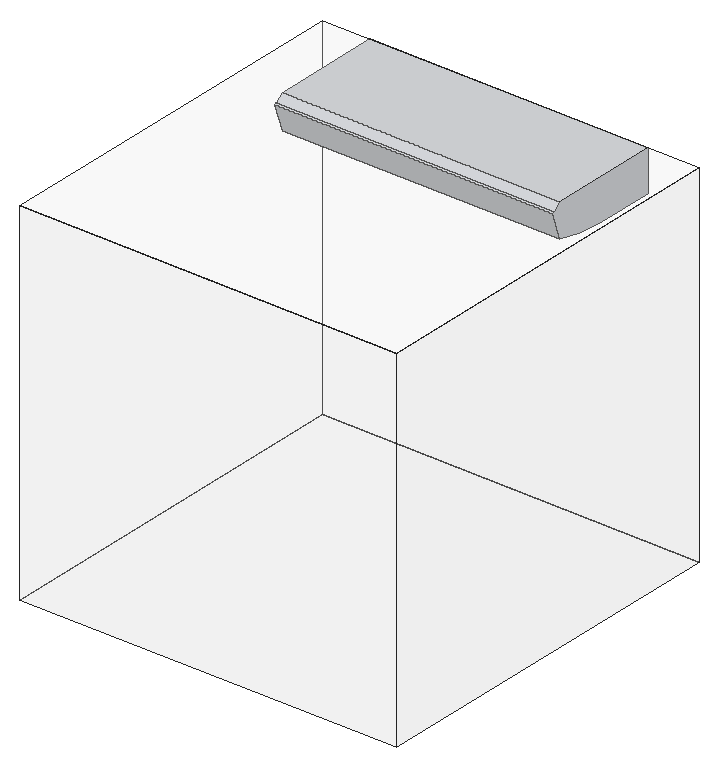
Revit family "pc-rp40_160kal22_50hz", category 機械設備, Revit 2023
Family settings
  丸型コネクタ寸法 = 直径を使用
  パーツ タイプ = 標準
  OmniClass 番号 = 23.75.10.24.21.27.27
  OmniClass タイトル = Split System Air Conditioning Units
  作業面ベース = いいえ
  常に垂直 = はい
  ロード時にボイドで切り取り = いいえ
  注釈の向きを維持 = いいえ
  共有 = いいえ
  部屋計算ポイント = はい
Parameters (values of type "PC-RP112KA22")
  風量_静 (㎥/min) = 20
  風量_弱 (㎥/min) = 22
  風量_中 (㎥/min) = 26
  風量_強 (㎥/min) = 29
  風量 = MAX風量  # 1740.0 m³/h
  音響パワーレベル_静 (dB) = 54
  音響パワーレベル_弱 (dB) = 56
  音響パワーレベル_中 (dB) = 59
  音響パワーレベル(dB) = [音響パワーレベル_強 (dB)]  # 62
  音響パワーレベル_強 (dB) = 62
  電源種別 = ""
  電源_H = 0 mm
  電圧 = 0 V
  電動機出力_送風機 = 0.16 kW
  運転質量 = 0.00 kg
  連動 = ""
  質量 = if(製品質量 > 運転質量, 製品質量, 運転質量) * 1.2  # 45.60 kg
  負荷分類 = 3_ファン類
  説明 = "店舗・事務所用パッケージエアコン(Mr.SLIM) [本体] 天吊形室内機"
  設計暖房能力 = 0.00 kW
  設計冷房能力_顕熱 = 0 kW
  設計冷房能力 = 0 kW
  設置方法 = "天井吊（露出）形"
  記号 = ""
  製造元 = "三菱電機株式会社"
  製品質量 = 38.00 kg
  製品出荷対象 = "国内"
  製品リリース年月 = "2026/5/11"
  製品グループ = ""
  背面_液管接続口 = 180 mm
  背面_ドレン管接続口 = 233 mm
  背面_ガス管接続口 = 200 mm
  系統 = ""
  符号 = "ACP-CR"
  積算_科目 = "1 空気調和設備"
  積算_拾い区分 [instance] = ""
  盤記号 = ""
  発停方法 = "別売リモコン"
  特殊仕様 = ""
  点検口離隔 [instance] = if(点検口離隔入力値 > 200 mm, 200 mm, if(点検口離隔入力値 < 150 mm, 150 mm, 点検口離隔入力値))  # 150 mm
  点検口離隔入力値 [instance] = 0 mm
  点検口設置範囲 = 0 mm
  点検口 = yes
  火災停止 = ""
  消費電力_暖房 = 0.11 kW
  消費電力_冷房 = 0.12 kW
  消費電力 = if(消費電力_冷房 > 消費電力_暖房, 消費電力_冷房, 消費電力_暖房)  # 0.12 kW
  法定耐用年数 = "6"
  極数 = 3
  材質 = ""
  本体マテリアル = none
  有効加湿量 = 0
  暖房能力 = 11.20 kW
  既定の高さ = 0 mm
  形式_加湿器 = ""
  形式 = "天井吊（露出）形"
  幹線記号 = ""
  始動方式 = "インバータ"
  呼称 = "パッケージ形空気調和機_室内機"
  周波数 = 50 Hz
  吊り位置Y = 320 mm
  吊り位置X = 1557 mm
  吊りボルト_H = 50 mm
  台数_手元リモコン = ""
  台数_冷媒分岐ユニット = ""
  参照している仕様書等のバージョン = "公共建築物標準仕様書（機械設備工事編）平成31年度版"
  加湿給水管径 = 0 mm
  分類コード = "50053003123090"
  分類グループ = "設備"
  冷房能力 = 10 kW
  冷媒高低圧ガス管径 = 0 mm
  冷媒管径符号 = "Bd"
  冷媒管径 = 100 mm
  冷媒液管高さ = 126 mm
  冷媒液管径 = 9.52 mm
  冷媒ガス管高さ = 126 mm
  冷媒ガス管径 = 15.88 mm
  価格 = 0
  企業コード = "108420"
  付属品_フィルター = ""
  付属品 = ""
  モデル = "PC-RP112KA22"
  パネルマテリアル = none
  ドレン管高さ = 190 mm
  ドレン管径 (外径) = 26 mm
  ドレン管径 = 20 mm
  サービススペース = yes
  コメント [instance] = ""
  【値が 0 の項目は組合せ形名にてご確認ください】 = ""
  Width = 1600 mm
  Version = ""
  Uniclass2015Version = "Systems v1.9"
  Uniclass2015Title = "Split coil remote air cooled condensing units"
  Uniclass2015Code = "Pr_70_65_03_84"
  URL = "https://www.mitsubishielectric.co.jp/ldg/wink/qr/002/364742"
  SpecificationReference = ""
  SpecificationDescription = ""
  Revision = ""
  ProductInformation = ""
  OmniClassCode = "23-33 17 13 11"
  MIN風量 = [風量_静 (㎥/min)] * 60.0 m³/h  # 1200.0 m³/h
  MID風量2 = [風量_弱 (㎥/min)] * 60.0 m³/h  # 1320.0 m³/h
  MID風量 = [風量_中 (㎥/min)] * 60.0 m³/h  # 1560.0 m³/h
  MAX風量 = [風量_強 (㎥/min)] * 60.0 m³/h  # 1740.0 m³/h
  IfcTypeProduct = ""
  IfcProduct = ""
  IfcExportType = "AIRCONDITIONINGUNIT"
  IfcExportAs = "IfcUnitaryEquipmentType"
  Height_本体 = 230 mm
  Height = Height_本体 + 6 mm  # 236 mm
  Depth = 680 mm
  Clearance Top = 1 mm
  Clearance Right = 300 mm
  Clearance Left = 270 mm
  Clearance Front = 1500 mm
  Clearance Bottom = 1800 mm
  Clearance Back = 0 mm
  BLCJ仕様バージョン = "2.0"
  Author = "三菱電機株式会社"
Types (20, lengths in mm): name | 風量_静 (㎥/min) | 風量_弱 (㎥/min) | 風量_中 (㎥/min) | 風量_強 (㎥/min) | 風量 | 音響パワーレベル_静 (dB) | 音響パワーレベル_弱 (dB) | 音響パワーレベル_中 (dB) | 音響パワーレベル(dB) | 音響パワーレベル_強 (dB) | 電動機出力_送風機 | 質量 | 製品質量 | 背面_液管接続口 | 背面_ガス管接続口 | 消費電力_暖房 | 消費電力_冷房 | 消費電力 | 暖房能力 | 吊り位置X | 冷房能力 | 冷媒管径符号 | 冷媒液管径 | 冷媒ガス管径 | モデル | Width | URL | MIN風量 | MID風量2 | MID風量 | MAX風量
  PC-RP56KAL22 | 10 | 11 | 12 | 13 | 780.0 m³/h | 48 | 50 | 53 | 55 | 55 | 0.09 kW | 30.00 kg | 25.00 kg | 184 | 203 | 0.05 kW | 0.06 kW | 0.06 kW | 5.60 kW | 917 | 5 kW | "Ac" | 6.35 | 12.7 | "PC-RP56KAL22" | 960 | "https://www.mitsubishielectric.co.jp/ldg/wink/qr/002/364747" | 600.0 m³/h | 660.0 m³/h | 720.0 m³/h | 780.0 m³/h
  PC-RP71KAL22 | 13 | 16 | 18 | 20 | 1200.0 m³/h | 50 | 53 | 55 | 57 | 57 | 0.095 kW | 38.40 kg | 32.00 kg | 180 | 200 | 0.09 kW | 0.10 kW | 0.10 kW | 7.10 kW | 1237 | 6.3 kW | "Bd" | 9.52 | 15.88 | "PC-RP71KAL22" | 1280 | "https://www.mitsubishielectric.co.jp/ldg/wink/qr/002/364749" | 780.0 m³/h | 960.0 m³/h | 1080.0 m³/h | 1200.0 m³/h
  PC-RP80KAL22 | 13 | 16 | 18 | 20 | 1200.0 m³/h | 50 | 53 | 55 | 57 | 57 | 0.095 kW | 38.40 kg | 32.00 kg | 180 | 200 | 0.09 kW | 0.10 kW | 0.10 kW | 8.00 kW | 1237 | 7.1 kW | "Bd" | 9.52 | 15.88 | "PC-RP80KAL22" | 1280 | "https://www.mitsubishielectric.co.jp/ldg/wink/qr/002/364703" | 780.0 m³/h | 960.0 m³/h | 1080.0 m³/h | 1200.0 m³/h
  PC-RP112KAL22 | 20 | 22 | 26 | 29 | 1740.0 m³/h | 54 | 56 | 59 | 62 | 62 | 0.16 kW | 45.60 kg | 38.00 kg | 180 | 200 | 0.11 kW | 0.12 kW | 0.12 kW | 11.20 kW | 1557 | 10 kW | "Bd" | 9.52 | 15.88 | "PC-RP112KAL22" | 1600 | "https://www.mitsubishielectric.co.jp/ldg/wink/qr/002/364750" | 1200.0 m³/h | 1320.0 m³/h | 1560.0 m³/h | 1740.0 m³/h
  PC-RP140KAL22 | 21 | 24 | 27 | 31 | 1860.0 m³/h | 56 | 58 | 61 | 63 | 63 | 0.16 kW | 45.60 kg | 38.00 kg | 180 | 200 | 0.13 kW | 0.14 kW | 0.14 kW | 14.00 kW | 1557 | 12.5 kW | "Bd" | 9.52 | 15.88 | "PC-RP140KAL22" | 1600 | "https://www.mitsubishielectric.co.jp/ldg/wink/qr/002/364751" | 1260.0 m³/h | 1440.0 m³/h | 1620.0 m³/h | 1860.0 m³/h
  PC-RP160KAL22 | 22 | 25 | 28 | 33 | 1980.0 m³/h | 58 | 60 | 62 | 65 | 65 | 0.16 kW | 45.60 kg | 38.00 kg | 180 | 200 | 0.16 kW | 0.17 kW | 0.17 kW | 16.00 kW | 1557 | 14 kW | "Bd" | 9.52 | 15.88 | "PC-RP160KAL22" | 1600 | "https://www.mitsubishielectric.co.jp/ldg/wink/qr/002/364752" | 1320.0 m³/h | 1500.0 m³/h | 1680.0 m³/h | 1980.0 m³/h
  PC-RP63KAL22 | 12 | 14 | 15 | 17 | 1020.0 m³/h | 49 | 51 | 53 | 55 | 55 | 0.095 kW | 38.40 kg | 32.00 kg | 184 | 203 | 0.06 kW | 0.07 kW | 0.07 kW | 6.30 kW | 1237 | 5.6 kW | "Ac" | 6.35 | 12.7 | "PC-RP63KAL22" | 1280 | "https://www.mitsubishielectric.co.jp/ldg/wink/qr/002/364748" | 720.0 m³/h | 840.0 m³/h | 900.0 m³/h | 1020.0 m³/h
  PC-RP40KAL22 | 9 | 10 | 11 | 13 | 780.0 m³/h | 48 | 50 | 53 | 55 | 55 | 0.09 kW | 28.80 kg | 24.00 kg | 184 | 203 | 0.04 kW | 0.05 kW | 0.05 kW | 4.00 kW | 917 | 3.6 kW | "Ac" | 6.35 | 12.7 | "PC-RP40KAL22" | 960 | "https://www.mitsubishielectric.co.jp/ldg/wink/qr/002/364744" | 540.0 m³/h | 600.0 m³/h | 660.0 m³/h | 780.0 m³/h
  PC-RP50KAL22 | 10 | 11 | 12 | 13 | 780.0 m³/h | 48 | 50 | 53 | 55 | 55 | 0.09 kW | 30.00 kg | 25.00 kg | 184 | 203 | 0.05 kW | 0.06 kW | 0.06 kW | 5.00 kW | 917 | 4.5 kW | "Ac" | 6.35 | 12.7 | "PC-RP50KAL22" | 960 | "https://www.mitsubishielectric.co.jp/ldg/wink/qr/002/364746" | 600.0 m³/h | 660.0 m³/h | 720.0 m³/h | 780.0 m³/h
  PC-RP112KA22 | 20 | 22 | 26 | 29 | 1740.0 m³/h | 54 | 56 | 59 | 62 | 62 | 0.16 kW | 45.60 kg | 38.00 kg | 180 | 200 | 0.11 kW | 0.12 kW | 0.12 kW | 11.20 kW | 1557 | 10 kW | "Bd" | 9.52 | 15.88 | "PC-RP112KA22" | 1600 | "https://www.mitsubishielectric.co.jp/ldg/wink/qr/002/364742" | 1200.0 m³/h | 1320.0 m³/h | 1560.0 m³/h | 1740.0 m³/h
  PC-RP140KA22 | 21 | 24 | 27 | 31 | 1860.0 m³/h | 56 | 58 | 61 | 63 | 63 | 0.16 kW | 45.60 kg | 38.00 kg | 180 | 200 | 0.13 kW | 0.14 kW | 0.14 kW | 14.00 kW | 1557 | 12.5 kW | "Bd" | 9.52 | 15.88 | "PC-RP140KA22" | 1600 | "https://www.mitsubishielectric.co.jp/ldg/wink/qr/002/364743" | 1260.0 m³/h | 1440.0 m³/h | 1620.0 m³/h | 1860.0 m³/h
  PC-RP160KA22 | 22 | 25 | 28 | 33 | 1980.0 m³/h | 58 | 60 | 62 | 65 | 65 | 0.16 kW | 45.60 kg | 38.00 kg | 180 | 200 | 0.16 kW | 0.17 kW | 0.17 kW | 16.00 kW | 1557 | 14 kW | "Bd" | 9.52 | 15.88 | "PC-RP160KA22" | 1600 | "https://www.mitsubishielectric.co.jp/ldg/wink/qr/002/364702" | 1320.0 m³/h | 1500.0 m³/h | 1680.0 m³/h | 1980.0 m³/h
  PC-RP40KA22 | 9 | 10 | 11 | 13 | 780.0 m³/h | 48 | 50 | 53 | 55 | 55 | 0.09 kW | 28.80 kg | 24.00 kg | 184 | 203 | 0.04 kW | 0.05 kW | 0.05 kW | 4.00 kW | 917 | 3.6 kW | "Ac" | 6.35 | 12.7 | "PC-RP40KA22" | 960 | "https://www.mitsubishielectric.co.jp/ldg/wink/qr/002/364735" | 540.0 m³/h | 600.0 m³/h | 660.0 m³/h | 780.0 m³/h
  PC-RP45KA22 | 9 | 10 | 11 | 13 | 780.0 m³/h | 48 | 50 | 53 | 55 | 55 | 0.09 kW | 28.80 kg | 24.00 kg | 184 | 203 | 0.04 kW | 0.05 kW | 0.05 kW | 4.50 kW | 917 | 4 kW | "Ac" | 6.35 | 12.7 | "PC-RP45KA22" | 960 | "https://www.mitsubishielectric.co.jp/ldg/wink/qr/002/364736" | 540.0 m³/h | 600.0 m³/h | 660.0 m³/h | 780.0 m³/h
  PC-RP50KA22 | 10 | 11 | 12 | 13 | 780.0 m³/h | 48 | 50 | 53 | 55 | 55 | 0.09 kW | 30.00 kg | 25.00 kg | 184 | 203 | 0.05 kW | 0.06 kW | 0.06 kW | 5.00 kW | 917 | 4.5 kW | "Ac" | 6.35 | 12.7 | "PC-RP50KA22" | 960 | "https://www.mitsubishielectric.co.jp/ldg/wink/qr/002/364737" | 600.0 m³/h | 660.0 m³/h | 720.0 m³/h | 780.0 m³/h
  PC-RP56KA22 | 10 | 11 | 12 | 13 | 780.0 m³/h | 48 | 50 | 53 | 55 | 55 | 0.09 kW | 30.00 kg | 25.00 kg | 184 | 203 | 0.05 kW | 0.06 kW | 0.06 kW | 5.60 kW | 917 | 5 kW | "Ac" | 6.35 | 12.7 | "PC-RP56KA22" | 960 | "https://www.mitsubishielectric.co.jp/ldg/wink/qr/002/364738" | 600.0 m³/h | 660.0 m³/h | 720.0 m³/h | 780.0 m³/h
  PC-RP63KA22 | 12 | 14 | 15 | 17 | 1020.0 m³/h | 49 | 51 | 53 | 55 | 55 | 0.095 kW | 38.40 kg | 32.00 kg | 184 | 203 | 0.06 kW | 0.07 kW | 0.07 kW | 6.30 kW | 1237 | 5.6 kW | "Ac" | 6.35 | 12.7 | "PC-RP63KA22" | 1280 | "https://www.mitsubishielectric.co.jp/ldg/wink/qr/002/364739" | 720.0 m³/h | 840.0 m³/h | 900.0 m³/h | 1020.0 m³/h
  PC-RP71KA22 | 13 | 16 | 18 | 20 | 1200.0 m³/h | 50 | 53 | 55 | 57 | 57 | 0.095 kW | 38.40 kg | 32.00 kg | 180 | 200 | 0.09 kW | 0.10 kW | 0.10 kW | 7.10 kW | 1237 | 6.3 kW | "Bd" | 9.52 | 15.88 | "PC-RP71KA22" | 1280 | "https://www.mitsubishielectric.co.jp/ldg/wink/qr/002/364740" | 780.0 m³/h | 960.0 m³/h | 1080.0 m³/h | 1200.0 m³/h
  PC-RP80KA22 | 13 | 16 | 18 | 20 | 1200.0 m³/h | 50 | 53 | 55 | 57 | 57 | 0.095 kW | 38.40 kg | 32.00 kg | 180 | 200 | 0.09 kW | 0.10 kW | 0.10 kW | 8.00 kW | 1237 | 7.1 kW | "Bd" | 9.52 | 15.88 | "PC-RP80KA22" | 1280 | "https://www.mitsubishielectric.co.jp/ldg/wink/qr/002/364741" | 780.0 m³/h | 960.0 m³/h | 1080.0 m³/h | 1200.0 m³/h
  PC-RP45KAL22 | 9 | 10 | 11 | 13 | 780.0 m³/h | 48 | 50 | 53 | 55 | 55 | 0.09 kW | 28.80 kg | 24.00 kg | 184 | 203 | 0.04 kW | 0.05 kW | 0.05 kW | 4.50 kW | 917 | 4 kW | "Ac" | 6.35 | 12.7 | "PC-RP45KAL22" | 960 | "https://www.mitsubishielectric.co.jp/ldg/wink/qr/002/364745" | 540.0 m³/h | 600.0 m³/h | 660.0 m³/h | 780.0 m³/h
Reference planes
  plane 1 "中心(正面/背面)": y = 0
  plane 2: z = 0
  plane 3 "中心(左/右)": x = 0
  plane 4: z = 236
  plane 5: y = 260
  plane 6: y = -60
  plane 7: y = 340
  plane 8: y = -340
  plane 9: x = -800
  plane 10: x = 800
  plane 11: x = -1070
  plane 12: x = 1100
  plane 13 "back": y = 340
  plane 14: y = -1840
  plane 15: z = 237
  plane 16: z = -1800
  plane 17: x = 714
  plane 18: x = 629
  plane 19: z = 110
  plane 20 "液管": y = 156
  plane 21: y = 336
  plane 22 "ガス管": y = 136
  plane 23 "ドレン管": y = 103
  plane 24: x = 662
  plane 25: z = 46
  plane 26: x = -725
  plane 27: x = 671.5
Forms (mm)
  Extrusion 1, solid, detail levels fine
    sketch origin (0, 156, 0) x (0, 0, -1) y (1, 0, 0)
      loop
        circle (-110, 629) r 3.175
    from 0 to 100
  Extrusion 2, solid, detail levels fine
    sketch origin (0, 136, 0) x (0, 0, -1) y (1, 0, 0)
      loop
        circle (-110, 714) r 6.35
    from 0 to 100
  Extrusion 3, solid, detail levels fine
    sketch origin (0, 103, 0) x (0, 0, -1) y (1, 0, 0)
      loop
        circle (-46, 662) r 13
    from 0 to 100
  Extrusion 4, solid, detail levels fine
    sketch origin (0, 103, 0) x (0, 0, -1) y (1, 0, 0)
      loop
        circle (-46, -725) r 13
    from 0 to 100
  Extrusion 5, solid, detail levels fine
    sketch origin (0, 136, 0) x (0, 0, -1) y (1, 0, 0)
      loop
        circle (-110, 671.5) r 50
    from 0 to 120
Dimensions and locks
  "吊り位置Y": plane 6 to plane 5
  equal spacing: plane 8, plane 1 "中心(正面/背面)", plane 7
  "Depth": plane 8 to plane 7
  equal spacing: plane 9, plane 3 "中心(左/右)", plane 10
  "Width": plane 9 to plane 10
  "Clearance Back": plane 7 to plane 13 "back"
  "Clearance Front": plane 14 to plane 8
  "Clearance Right": plane 10 to plane 12
  "Clearance Left": plane 11 to plane 9
  "Height": plane 4 to level
  locked: plane 5 to plane 7 at 80
  "Clearance Bottom": level to plane 16
  "Clearance Top": plane 15 to plane 4
  plane 10 to plane 9 = 1600 mm
  "背面_液管接続口": plane 20 "液管" to plane 21
  "背面_ガス管接続口": plane 22 "ガス管" to plane 21
  "背面_ドレン管接続口": plane 23 "ドレン管" to plane 21
  "冷媒ガス管高さ": plane 4 to plane 19
  "ドレン管高さ": plane 4 to plane 25
  plane 17 to plane 27 to plane 18 = 42.5 mm, 42.5 mm
  locked: plane 10 to plane 17 at 86
  locked: plane 17 to plane 18 at 85
  locked: plane 10 to plane 24 at 138
  locked: plane 26 to plane 9 at 75
  diameter of Extrusion 2 = 12.7 mm
  diameter of Extrusion 1 = 6.35 mm
  "ドレン管径 (外径)": diameter of Extrusion 3
  "ドレン管径 (外径)": diameter of Extrusion 4
  aligned and locked: level to plane 2
  aligned and locked: nested 2 to plane 5
  aligned and locked: plane 6 to nested 2
  aligned and locked: nested 1 to plane 11
  aligned and locked: nested 1 to plane 12
  aligned and locked: plane 14 to nested 1
  aligned and locked: plane 13 "back" to nested 1
  aligned and locked: plane 15 to nested 1
  aligned and locked: plane 1 "中心(正面/背面)" to nested 3
  aligned and locked: plane 3 "中心(左/右)" to nested 3
  aligned and locked: plane 16 to nested 1
  aligned and locked: Extrusion 1 to plane 20 "液管"
  aligned and locked: Extrusion 2 to plane 22 "ガス管"
  aligned and locked: Extrusion 3 to plane 23 "ドレン管"
  aligned and locked: Extrusion 4 to plane 23 "ドレン管"
Automatic sketch dimensions
  Extrusion 1 sketch curve to plane 18 = 0 mm
  Extrusion 1 sketch curve to plane 19 = 0 mm
  Extrusion 2 sketch curve to plane 17 = 0 mm
  Extrusion 2 sketch curve to plane 19 = 0 mm
  Extrusion 3 sketch curve to plane 24 = 0 mm
  Extrusion 3 sketch curve to plane 25 = 0 mm
  Extrusion 4 sketch curve to plane 25 = 0 mm
  Extrusion 4 sketch curve to plane 26 = 0 mm
  Extrusion 5 sketch curve to plane 19 = 0 mm
  Extrusion 5 sketch curve to plane 27 = 0 mm
  radius of Extrusion 1 sketch curve = 3.175 mm
  radius of Extrusion 2 sketch curve = 6.35 mm
  radius of Extrusion 3 sketch curve = 13 mm
  radius of Extrusion 4 sketch curve = 13 mm
  radius of Extrusion 5 sketch curve = 50 mm
Nested families
  nested 1: "サービススペース" at (15, -750, -781.5), visible <- "サービススペース", type "サービススペース", detail levels fine
    with Width 2170 mm, Height 2037 mm, Depth 2180 mm
  nested 2: "固定点" at (-458.5, -60, 0), type "固定点"
    with W 917 mm, D 320 mm
  nested 3: "PC-RP_KA_L" at (0, 0, 0), type "PC-RP_KA_L", detail levels fine
Connectors
  electrical at (516, 339, 206), driven by "極数", driven by "負荷分類", driven by "電圧", driven by "消費電力"
    settings: on nested 3, index 1, voltage 0 V, apparent load 120 VA, apparent load phase1 0 VA, apparent load phase2 0 VA, apparent load phase3 0 VA, power factor 1, load classification "3_ファン類", number of poles 3, system type 30, power factor state 1, is connector primary yes, connector utility no, sub classification motor no, connector description ""
  piping at (671.5, 136, 110), diameter 100, driven by "冷媒管径"
    settings: on Extrusion 5, index 2, connector inside diameter 609.6 mm, connector length 0 mm, flow factor 0, pipe flow 0.0 L/s, pressure drop 0.0 Pa, fitting loss kfactor 0, connector angle 0.00°, fixture units 0, engagement length 0 mm, angle of deflection 0.00°, flow configuration 1, flow direction 1, fitting loss method 4, system type 7, joint type 0, gender type 0, connector reference index -1, connector utility 0, adjustable connector no, is connector primary yes, connector description "冷媒管"
  piping at (662, 103, 46), diameter 20, driven by "ドレン管径"
    settings: on Extrusion 3, index 3, connector inside diameter 609.6 mm, connector length 0 mm, flow factor 0, pipe flow 0.0 L/s, pressure drop 0.0 Pa, fitting loss kfactor 0, connector angle 0.00°, fixture units 0, engagement length 0 mm, angle of deflection 0.00°, flow configuration 1, flow direction 2, fitting loss method 0, system type 16, joint type 0, gender type 0, connector reference index -1, connector utility 0, adjustable connector no, is connector primary no, connector description "ドレン管1"
  piping at (-725, 103, 46), diameter 20, driven by "ドレン管径"
    settings: on Extrusion 4, index 4, connector inside diameter 609.6 mm, connector length 0 mm, flow factor 0, pipe flow 0.0 L/s, pressure drop 0.0 Pa, fitting loss kfactor 0, connector angle 0.00°, fixture units 0, engagement length 0 mm, angle of deflection 0.00°, flow configuration 1, flow direction 2, fitting loss method 0, system type 16, joint type 0, gender type 0, connector reference index -1, connector utility 0, adjustable connector no, is connector primary no, connector description "ドレン管2"
Definition of nested family "サービススペース"
  Parameters (values of type "サービススペース")
    Default Elevation = 0 mm
    Width [instance] = 500 mm
    Height [instance] = 500 mm
    Depth [instance] = 500 mm
  Reference planes
    plane 1 "中心(正面/背面)": y = 0
    plane 2: z = 0
    plane 3 "中心(左/右)": x = 0
    plane 4: y = -250
    plane 5: x = 250
    plane 6: y = 250
    plane 7: x = -250
    plane 8: z = 250
    plane 9: z = -250
  Forms (mm)
    Extrusion 1, solid
      sketch origin (-638.939, 0, 72.39) x (1, 0, 0) y (0, 1, 0)
        loop
          line (388.939, 250) -> (388.939, -250) -> (888.939, -250) -> (888.939, 250) -> (388.939, 250)
      from -322.39 to 177.61
  Lines and regions (mm)
    symbolic lines
      curve 1: line (-250, 0, 250) -> (250, 0, 250)
      curve 2: line (-250, 0, -250) -> (-250, 0, 250)
      curve 3: line (250, 0, -250) -> (-250, 0, -250)
      curve 4: line (250, 0, 250) -> (250, 0, -250)
      curve 5: line (0, -250, 250) -> (0, 250, 250)
      curve 6: line (0, -250, -250) -> (0, -250, 250)
      curve 7: line (0, 250, -250) -> (0, -250, -250)
      curve 8: line (0, 250, 250) -> (0, 250, -250)
      curve 9: line (-250, 250, 0) -> (250, 250, 0)
      curve 10: line (-250, -250, 0) -> (-250, 250, 0)
      curve 11: line (250, -250, 0) -> (-250, -250, 0)
      curve 12: line (250, 250, 0) -> (250, -250, 0)
  Dimensions and locks
    equal spacing: plane 7, plane 3 "中心(左/右)", plane 5
    equal spacing: plane 4, plane 1 "中心(正面/背面)", plane 6
    "Depth": plane 4 to plane 6
    "Width": plane 7 to plane 5
    equal spacing: plane 8, plane 2, plane 9
    "Height": plane 8 to plane 9
    aligned and locked: plane 9 to curve 3
    aligned and locked: plane 7 to curve 2
    aligned and locked: curve 4 to plane 5
    aligned and locked: plane 5 to Extrusion 1
    aligned and locked: Extrusion 1 to plane 7
    aligned and locked: Extrusion 1 to plane 9
    aligned and locked: plane 8 to Extrusion 1
    aligned and locked: plane 9 to curve 7
  Automatic sketch dimensions
    plane 4 to Extrusion 1 sketch curve = 0 mm
    Extrusion 1 sketch curve to plane 7 = 0 mm
    Extrusion 1 sketch curve to plane 5 = 0 mm
    plane 6 to Extrusion 1 sketch curve = 0 mm
    curve 2 to plane 8 = 0 mm
    plane 4 to curve 11 = 0 mm
    curve 11 to plane 7 = 0 mm
    curve 11 to plane 5 = 0 mm
    plane 6 to curve 10 = 0 mm
    curve 7 to plane 4 = 0 mm
    curve 7 to plane 6 = 0 mm
    curve 6 to plane 8 = 0 mm
Definition of nested family "PC-RP_KA_L"
  Parameters (values of type "PC-RP_KA_L")
    配線取出口サイズ = 22 mm
    配線取出口-Z = 0 mm
    配線取出口-Y = 0 mm
    配線取出口-X = 0 mm
    液配管サイズ = 100 mm
    高さ = 236 mm
    Default Elevation = 0 mm
    奥行き = 680 mm
    吊りボルト_H = 50 mm
    冷媒配管サイズ = 9.52 mm
    冷媒液管径-Z = 0 mm
    冷媒液管径-Y = 0 mm
    冷媒液管径-X = 0 mm
    冷媒ガス管径-Z = 0 mm
    冷媒ガス管径-Y = 0 mm
    冷媒ガス管径-X = 0 mm
    吊りボルト-W = 1557 mm
    マテリアル = none
    ドレン配管サイズ = 26 mm
    ドレン管径-Z = 0 mm
    ドレン管径-Y = 0 mm
    ドレン管径-X = 0 mm
    ガス配管サイズ = 15.88 mm
    吊りボルト-D = 320 mm
    幅さ = 1600 mm
  Reference planes
    plane 1 "中心(正面/背面)": y = 0
    plane 2: z = 0
    plane 3 "中心(左/右)": x = 0
    plane 4: z = 236
    plane 5: x = -800
    plane 6: x = 800
    plane 7: y = 340
    plane 8: y = -340
    plane 9: y = -289
    plane 10: y = -330
    plane 11: y = -335
    plane 12: z = 84
    plane 13: z = 172
    plane 14: z = 195
    plane 15: z = 200
    plane 16: z = 40
    plane 17: x = -746.5
    plane 18: x = 746.5
    plane 19: y = -136
    plane 20: y = -193
    plane 21: y = 86
    plane 22: z = 110
    plane 23: x = -469
    plane 24: y = 156
    plane 25: y = 137
    plane 26: y = 94
    plane 27: x = -478
    plane 28: z = 206
    plane 29: x = 516
    plane 30: x = 478
    plane 31: y = 140
  Forms (mm)
    Extrusion 1, solid, material <- "マテリアル"
      sketch origin (800, 1296.25, 1200) x (0, 1, 0) y (0, 0, 1)
        loop
          line (-1585.25, -964) -> (-1626.25, -1000) -> (-1631.25, -1000) -> (-1636.25, -1005) -> (-1585.25, -1160)
          arc (-1585.25, -1160) -> (-1442.128, -1189.953) -> (-1296.25, -1200) r 1064.013
          line (-1296.25, -1200) -> (-956.25, -1200) -> (-956.25, -964) -> (-1585.25, -964)
      from -1600 to 0
    Extrusion 2, solid, material <- "マテリアル"
      sketch origin (674, 0, 0) x (1, 0, 0) y (0, 0, 1)
        loop
          circle (-158, 206) r 11
      from -339 to -340
    Extrusion 3, solid, material <- "マテリアル"
      sketch origin (636, 0, 0) x (1, 0, 0) y (0, 0, 1)
        loop
          circle (-158, 206) r 11
      from -339 to -340
    Extrusion 4, solid, material <- "マテリアル"
      sketch origin (674, 0, -169) x (1, 0, 0) y (0, 0, 1)
        loop
          circle (-158, 206) r 11
      from -339 to -340
    Extrusion 5, solid, material <- "マテリアル"
      sketch origin (636, 0, -169) x (1, 0, 0) y (0, 0, 1)
        loop
          circle (-158, 206) r 11
      from -339 to -340
  Lines and regions (mm)
    model lines
      curve 1: line (746.5, -303.59, 84.341) -> (746.5, -332.355, 171.766)
      curve 2: line (746.5, -332.355, 171.766) -> (-746.5, -332.355, 171.766)
      curve 3: line (-746.5, -303.59, 84.341) -> (746.5, -303.59, 84.341)
      curve 4: line (-746.5, -332.355, 171.766) -> (-746.5, -303.59, 84.341)
      curve 5: line (-746.5, 310, 0) -> (-746.5, 86, 0)
      curve 6: line (746.5, 310, 0) -> (746.5, 86, 0)
      curve 7: line (746.5, 310, 0) -> (-746.5, 310, 0)
      curve 8: line (746.5, 86, 0) -> (-746.5, 86, 0)
      curve 9: line (746.5, 294, 0) -> (-746.5, 294, 0)
      curve 10: line (746.5, 278, 0) -> (-746.5, 278, 0)
      curve 11: line (746.5, 262, 0) -> (-746.5, 262, 0)
      curve 12: line (746.5, 246, 0) -> (-746.5, 246, 0)
      curve 13: line (746.5, 230, 0) -> (-746.5, 230, 0)
      curve 14: line (746.5, 214, 0) -> (-746.5, 214, 0)
      curve 15: line (746.5, 198, 0) -> (-746.5, 198, 0)
      curve 16: line (746.5, 182, 0) -> (-746.5, 182, 0)
      curve 17: line (746.5, 166, 0) -> (-746.5, 166, 0)
      curve 18: line (746.5, 150, 0) -> (-746.5, 150, 0)
      curve 19: line (746.5, 134, 0) -> (-746.5, 134, 0)
      curve 20: line (746.5, 118, 0) -> (-746.5, 118, 0)
      curve 21: line (746.5, 102, 0) -> (-746.5, 102, 0)
  Dimensions and locks
    equal spacing: plane 8, plane 1 "中心(正面/背面)", plane 7
    "奥行き": plane 8 to plane 7
    equal spacing: plane 5, plane 3 "中心(左/右)", plane 6
    "幅さ": plane 5 to plane 6
    "高さ": plane 4 to level
    locked: plane 8 to plane 11 at 5
    locked: plane 8 to plane 10 at 10
    locked: plane 8 to plane 9 at 51
    locked: plane 12 to level at 84
    locked: plane 14 to level at 195
    locked: plane 15 to level at 200
    locked: plane 16 to level at 40
    plane 17 to plane 18 = 1493 mm
    locked: plane 5 to plane 17 at 53.5
    locked: plane 18 to plane 6 at 53.5
    locked: plane 13 to plane 12 at 88
    locked: plane 20 to plane 19 at 57
    locked: plane 19 to plane 7 at 476
    locked: plane 21 to plane 7 at 254
    locked: plane 4 to plane 22 at 126
    locked: plane 26 to plane 7 at 246
    locked: plane 24 to plane 7 at 184
    locked: plane 25 to plane 7 at 203
    locked: plane 5 to plane 27 at 322
    locked: plane 4 to plane 28 at 30
    plane 6 to plane 29 = 284 mm
    plane 29 to plane 30 = 38 mm
    "配線取出口サイズ": diameter of Extrusion 2 sketch curve
    "配線取出口サイズ": diameter of Extrusion 3 sketch curve
    "配線取出口サイズ": diameter of Extrusion 4 sketch curve
    "配線取出口サイズ": diameter of Extrusion 5 sketch curve
    aligned and locked: level to plane 2
    aligned and locked: Extrusion 1 sketch curve to plane 4
    aligned and locked: Extrusion 1 sketch curve to plane 7
    aligned and locked: Extrusion 1 sketch curve to level
    aligned and locked: plane 15 to Extrusion 1 sketch curve
    aligned and locked: plane 14 to Extrusion 1 sketch curve
    aligned and locked: plane 16 to Extrusion 1 sketch curve
    aligned and locked: Extrusion 1 to plane 5
    aligned and locked: plane 6 to Extrusion 1
    aligned and locked: curve 4 to plane 17
    aligned and locked: plane 18 to curve 1
    aligned and locked: curve 5 to plane 17
    aligned and locked: curve 6 to plane 18
    aligned and locked: curve 8 to plane 21
    aligned and locked: plane 28 to Extrusion 2 sketch curve
    aligned and locked: plane 7 to Extrusion 2
  Automatic sketch dimensions
    plane 7 to curve 7 = 30 mm
    curve 21 to plane 26 = 8 mm
    curve 21 to curve 20 = 16 mm
    plane 25 to curve 19 = 3 mm
    plane 24 to curve 18 = 6 mm
    curve 17 to plane 24 = 10 mm
    curve 17 to curve 16 = 16 mm
    curve 16 to curve 15 = 16 mm
    curve 15 to curve 14 = 16 mm
    curve 14 to curve 13 = 16 mm
    curve 13 to curve 12 = 16 mm
    curve 12 to curve 11 = 16 mm
    curve 11 to curve 10 = 16 mm
    curve 10 to curve 9 = 16 mm
    Extrusion 1 sketch curve to plane 8 = 0 mm
    Extrusion 1 sketch curve to plane 11 = 0 mm
    Extrusion 1 sketch curve to plane 10 = 0 mm
    Extrusion 1 sketch curve to plane 9 = 0 mm  (x2)
    Extrusion 1 sketch curve to plane 1 "中心(正面/背面)" = 0 mm
    Extrusion 1 to curve 1 = 24.459 mm
    curve 3 to Extrusion 1 = 46.68 mm
    Extrusion 1 to curve 4 = 53.5 mm
    Extrusion 1 to curve 3 = 53.5 mm
    Extrusion 2 sketch curve to plane 29 = 0 mm
    Extrusion 3 sketch curve to plane 28 = 0 mm
    Extrusion 3 sketch curve to plane 30 = 0 mm
    Extrusion 4 sketch curve to plane 29 = 0 mm
    Extrusion 4 sketch curve to plane 16 = 3 mm
    Extrusion 5 sketch curve to plane 30 = 0 mm
    Extrusion 5 sketch curve to plane 16 = 3 mm
Definition of nested family "固定点"
  Parameters (values of type "固定点")
    Default Elevation = 0 mm
    中心円 = 20 mm
    W [instance] = 1000 mm
    D [instance] = 1000 mm
  Reference planes
    plane 1 "中心(正面/背面)": y = 0
    plane 2: z = 0
    plane 3 "中心(左/右)": x = 0
    plane 4: x = 1000
    plane 5: y = 1000
  Lines and regions (mm)
    symbolic lines, detail levels fine
      curve 1: circle (0, 1000, 0) r 10 normal (0, 0, 1)
      curve 2: circle (0, 0, 0) r 10 normal (0, 0, 1)
      curve 3: circle (1000, 1000, 0) r 10 normal (0, 0, 1)
      curve 4: circle (1000, 0, 0) r 10 normal (0, 0, 1)
      curve 5: line (-200, 1000, 0) -> (1200, 1000, 0)
      curve 6: line (-200, 0, 0) -> (1200, 0, 0)
      curve 7: line (0, 1200, 0) -> (0, -200, 0)
      curve 8: line (1000, 1200, 0) -> (1000, -200, 0)
  Dimensions and locks
    "W": plane 3 "中心(左/右)" to plane 4
    "D": plane 1 "中心(正面/背面)" to plane 5
    "中心円": diameter of curve 1
    "中心円": diameter of curve 2
    "中心円": diameter of curve 3
    "中心円": diameter of curve 4
    aligned and locked: level to plane 2
    aligned and locked: plane 5 to curve 1
    aligned and locked: plane 3 "中心(左/右)" to curve 1
    aligned and locked: plane 3 "中心(左/右)" to curve 2
    aligned and locked: plane 1 "中心(正面/背面)" to curve 2
    aligned and locked: plane 4 to curve 3
    aligned and locked: plane 5 to curve 3
    aligned and locked: plane 1 "中心(正面/背面)" to curve 4
    aligned and locked: plane 4 to curve 4
    aligned and locked: plane 1 "中心(正面/背面)" to curve 6
    aligned and locked: curve 7 to plane 3 "中心(左/右)"
    aligned and locked: curve 8 to plane 4
  Automatic sketch dimensions
    curve 5 to plane 5 = 0 mm
    curve 6 to plane 3 "中心(左/右)" = 200 mm
    curve 5 to plane 3 "中心(左/右)" = 200 mm
    curve 4 to curve 6 = 200 mm
    curve 3 to curve 5 = 200 mm
    plane 1 "中心(正面/背面)" to curve 8 = 200 mm
    plane 1 "中心(正面/背面)" to curve 7 = 200 mm
    curve 3 to curve 8 = 200 mm
    curve 1 to curve 7 = 200 mm
